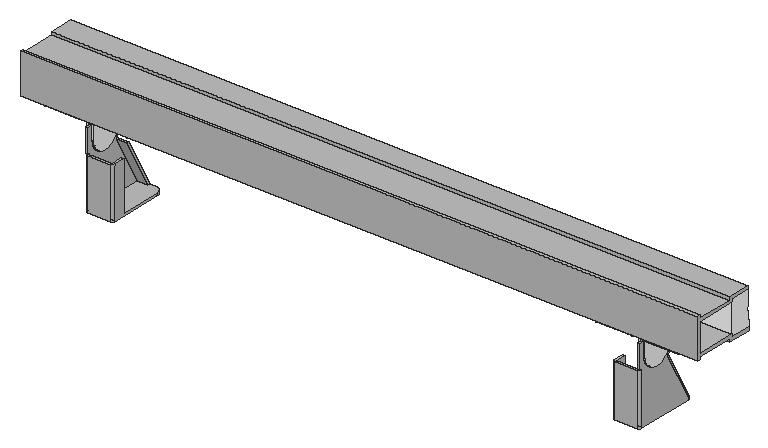
Revit family "4070748+4070746+4070771 Feilo Sylvania Lighting Fixture CURSUS 591MM 385LM WIDE LED 4K with CONTINUOUS WALL HOUSING with 70MM WALL BRACKET", category Lighting Fixtures, host Face, Revit 2017
Family settings
  Host = Face
  Round Connector Dimension = Use Diameter
  Part Type = Normal
  OmniClass Number = 23.80.70.14
  OmniClass Title = Luminaries for External Lighting
  Cut with Voids When Loaded = Yes
  Light Source = No
  Shared = No
  Room Calculation Point = No
Parameters (values of type "4070748 CURSUS 591MM 385LM WIDE LED 4K")
  Weight = "1.2 kg"
  Wattage Comments = "n/a"
  WarrantyStartDate [instance] = "n/a"
  WarrantyGuarantorParts = "n/a"
  WarrantyDurationUnit = "n/a"
  WarrantyDurationParts = "n/a"
  WarrantyDescription = "n/a"
  Voltage = 24 V
  URL = "http://www.sylvania-lighting.com"
  TypeName = "CURSUS 591MM 385LM WIDE LED 4K"
  TypeFixture_FEILO = CURSUS with CONTINUOUS WALL HOUSING : CURSUS 591MM 385LM WIDE LED 4K
  Type Image = <None>
  Type Comments = "n/a"
  TiltAngle [instance] = 0.00°
  StartAngle [instance] = TiltAngle + 270.00°  # 270.00°
  SerialNumber [instance] = "n/a"
  ReflectorMaterial = none
  PowerFactor = 0
  PowerConsumption = "9 W"
  NominalLength = 591 mm
  NominalHeight = 50 mm
  NominalDepth = 30 mm
  Name = "CURSUS 591MM 385LM WIDE LED 4K"
  ModelReference = Name  # "CURSUS 591MM 385LM WIDE LED 4K"
  ModelNumber = "4070748"
  Model = Name  # "CURSUS 591MM 385LM WIDE LED 4K"
  Material = "natural anodised extruded aluminium structure housing"
  ManufacturerName = "Feilo Sylvania"
  Manufacturer = "Feilo Sylvania"
  LuminousEfficacy = "42.77 lm/W"
  LuminaireType = ""
  LightOutputRatio = "100"
  LampsType = Lamp  # "LED"
  LampNominalLuminous = "385 lm"
  LampMacAdamStep = "n/a"
  LampColourTemperature = "4000 K"
  LampColourRenderingIndex = "80"
  Lamp = "LED"
  Keynote = "16500"
  InstallationDate [instance] = "n/a"
  InputVoltage = "24V DC"
  InputNominalFrequency = "n/a"
  IngressProtection = "IP67"
  ImpactProtectionIndex = "IK07"
  IfcExportType = "IfcLightFixtureType"
  IfcExportAs = "IfcLightFixtureType"
  ExpectedLife = 50000
  EndAngle [instance] = StartAngle - 180.00°  # 90.00°
  ElectricShockClassification = "Class III"
  DurationUnit = "hours"
  DocumentationLiterature = "http://www.sylvania-lighting.com/product/en-int/products/4070748"
  DimmingControlOptions = "n/a"
  DiffuserMaterial = Diffuser-Sylvania-Glow
  Description = "LED Exterior Lighting Recessed Surface Mounted Linear Fixture, Natural anodised extruded aluminium structure. Die-cast aluminium end caps. Installation kit with harmonic steel springs., 385 lm, 9W,  42lm/W, 4000K, CRI80+,non dimmable,IP67, IK07, (HxWxD) 591x50x30mm, 3 step Mac Adam Ellipse, 1.2kg,, Classe III, 21-25V-DC, energy class : A++, A+, A"
  Default Elevation = 1219.2 mm
  CreatedOn = "1/8/2018"
  CreatedBy = ""
  Cost = 0
  built-in parameter 1114216 [instance] = (empty or 0)
  ClassificationValue = "EF_70_80"
  ClassificationName = "Uniclass2015"
  BracketWidth = 24 mm
  BracketThickness = 2 mm
  BracketHeightEnd = 32 mm
  BracketHeight = 55 mm
  BracketFlange = BracketHeight / 5  # 11 mm
  BracketExtension = 70 mm
  BracketEndReduction = 25 mm
  BracketC = 22 mm  # constant formula
  BracketDistance = 460 mm
  BracketD = BracketHeightEnd - (BracketC * (BracketHeight - BracketHeightEnd) / (BracketExtension - BracketEndReduction))  # 20.756 mm
  BodyMaterial = Body-Sylvania-Gray
  BarCode [instance] = "n/a"
  AssetType = "Fixed"
  AssetIdentifier [instance] = "n/a"
  Assembly Code = "D5020200"
  Apparent Load = 9 VA
  AccessoryMaterial = Diffuser-Sylvania-Glow
Reference planes
  plane 1 "Center (Front/Back)": y = 0
  plane 2: z = 0
  plane 3 "Center (Left/Right)": x = 0
  plane 4: x = -242
  plane 5: x = 242
  plane 6: y = 55
  plane 7: x = -218
  plane 8: x = 218
  plane 9: z = 70
  plane 10: z = 56
  plane 11: z = 2
  plane 12: z = 45
  plane 13: x = -240
  plane 14: y = 53
  plane 15: y = 2
  plane 16: x = -220
  plane 17: x = 220
  plane 18: x = 240
  plane 19: x = -230
  plane 20: x = 230
  plane 21: y = 11
  plane 22: y = 32
  plane 23: y = 30
  plane 24: z = 67
  plane 25: y = 20.756
  plane 26: y = 16
Forms (mm)
  Blend 1, solid, material "Body-Sylvania-Gray" <- "BodyMaterial"
    base sketch origin (1223.4, -4572, 2) x (0, -1, 0) y (1, 0, 0)
      loop
        line (-4625, -1453.4) -> (-4627, -1453.4) -> (-4627, -1463.4)
        arc (-4627, -1463.4) -> (-4626.414, -1464.814) -> (-4625, -1465.4) r 2
        line (-4625, -1465.4) -> (-4574, -1465.4)
        arc (-4574, -1465.4) -> (-4572.586, -1464.814) -> (-4572, -1463.4) r 2
        line (-4572, -1463.4) -> (-4572, -1443.4)
        arc (-4572, -1443.4) -> (-4572.586, -1441.986) -> (-4574, -1441.4) r 2
        line (-4574, -1441.4) -> (-4583, -1441.4) -> (-4583, -1443.4) -> (-4574, -1443.4) -> (-4574, -1463.4) -> (-4625, -1463.4) -> (-4625, -1453.4)
    top sketch origin (1223.4, -4572, 2) x (0, -1, 0) y (1, 0, 0)
      loop
        line (-4583, -1443.4) -> (-4574, -1443.4) -> (-4574, -1463.4) -> (-4602, -1463.4) -> (-4602, -1453.4) -> (-4604, -1453.4) -> (-4604, -1463.4)
        arc (-4604, -1463.4) -> (-4603.52, -1464.71) -> (-4602.309, -1465.4) r 2.028
        line (-4602.309, -1465.4) -> (-4574, -1465.4)
        arc (-4574, -1465.4) -> (-4572.586, -1464.814) -> (-4572, -1463.4) r 2
        line (-4572, -1463.4) -> (-4572, -1443.4)
        arc (-4572, -1443.4) -> (-4572.586, -1441.986) -> (-4574, -1441.4) r 2
        line (-4574, -1441.4) -> (-4583, -1441.4) -> (-4583, -1443.4)
    from 0 to 43
  Extrusion 2, solid, material "Body-Sylvania-Gray" <- "BodyMaterial"
    sketch origin (0, 0, 0) x (1, 0, 0) y (0, 1, 0)
      loop
        arc (-240, 55) -> (-241.414, 54.414) -> (-242, 53) r 2
        line (-242, 53) -> (-242, 2)
        arc (-242, 2) -> (-241.414, 0.586) -> (-240, 0) r 2
        line (-240, 0) -> (-220, 0)
        arc (-220, 0) -> (-218.586, 0.586) -> (-218, 2) r 2
        line (-218, 2) -> (-218, 47.5)
        arc (-218, 47.5) -> (-220.197, 52.803) -> (-225.5, 55) r 7.5
        line (-225.5, 55) -> (-240, 55)
      loop
        line (240, 55) -> (225.5, 55)
        arc (225.5, 55) -> (220.197, 52.803) -> (218, 47.5) r 7.5
        line (218, 47.5) -> (218, 2)
        arc (218, 2) -> (218.586, 0.586) -> (220, 0) r 2
        line (220, 0) -> (240, 0)
        arc (240, 0) -> (241.414, 0.586) -> (242, 2) r 2
        line (242, 2) -> (242, 53)
        arc (242, 53) -> (241.414, 54.414) -> (240, 55) r 2
    from 0 to 2
  Blend 3, solid, material "Body-Sylvania-Gray" <- "BodyMaterial"
    base sketch origin (1223.4, -4572, 2) x (0, -1, 0) y (1, 0, 0)
      loop
        line (-4625, -983.4) -> (-4574, -983.4) -> (-4574, -1003.4) -> (-4583, -1003.4) -> (-4583, -1005.4) -> (-4574, -1005.4)
        arc (-4574, -1005.4) -> (-4572.586, -1004.814) -> (-4572, -1003.4) r 2
        line (-4572, -1003.4) -> (-4572, -983.4)
        arc (-4572, -983.4) -> (-4572.586, -981.986) -> (-4574, -981.4) r 2
        line (-4574, -981.4) -> (-4625, -981.4)
        arc (-4625, -981.4) -> (-4626.414, -981.986) -> (-4627, -983.4) r 2
        line (-4627, -983.4) -> (-4627, -993.4) -> (-4625, -993.4) -> (-4625, -983.4)
    top sketch origin (1223.4, -4572, 2) x (0, -1, 0) y (1, 0, 0)
      loop
        line (-4602, -993.4) -> (-4602, -983.4) -> (-4574, -983.4) -> (-4574, -1003.4) -> (-4583, -1003.4) -> (-4583, -1005.4) -> (-4574, -1005.4)
        arc (-4574, -1005.4) -> (-4572.586, -1004.814) -> (-4572, -1003.4) r 2
        line (-4572, -1003.4) -> (-4572, -983.4)
        arc (-4572, -983.4) -> (-4572.586, -981.986) -> (-4574, -981.4) r 2
        line (-4574, -981.4) -> (-4602, -981.4)
        arc (-4602, -981.4) -> (-4603.414, -981.986) -> (-4604, -983.4) r 2
        line (-4604, -983.4) -> (-4604, -993.4) -> (-4602, -993.4)
    from 0 to 43
  Blend 4, solid, material "Body-Sylvania-Gray" <- "BodyMaterial"
    base sketch origin (1223.4, -4572, 45) x (0, -1, 0) y (1, 0, 0)
      loop
        line (-4604, -1465.4) -> (-4572, -1465.4) -> (-4572, -1463.4) -> (-4604, -1463.4) -> (-4604, -1465.4)
    top sketch origin (1223.4, -4572, 45) x (0, -1, 0) y (1, 0, 0)
      loop
        line (-4572, -1465.4) -> (-4572, -1463.4) -> (-4592.756, -1463.4) -> (-4592.756, -1465.4) -> (-4572, -1465.4)
    from 0 to 22
  Blend 5, solid, material "Body-Sylvania-Gray" <- "BodyMaterial"
    base sketch origin (1223.4, -4572, 45) x (0, -1, 0) y (1, 0, 0)
      loop
        line (-4604, -983.4) -> (-4572, -983.4) -> (-4572, -981.4) -> (-4604, -981.4) -> (-4604, -983.4)
    top sketch origin (1223.4, -4572, 45) x (0, -1, 0) y (1, 0, 0)
      loop
        line (-4572, -981.4) -> (-4592.756, -981.4) -> (-4592.756, -983.4) -> (-4572, -983.4) -> (-4572, -981.4)
    from 0 to 22
  Extrusion 6, void
    sketch origin (0, 0, 0) x (0, 1, 0) y (0, 0, 1)
      loop
        line (0, 45) -> (2, 45) -> (2, 46.5) -> (0, 46.5) -> (0, 45)
      loop
        line (32, 45) -> (32, 46.5) -> (30, 46.5) -> (30, 45) -> (32, 45)
    from -242 to 242
  Revolve 7, solid, not visible
    sketch origin (1524, 16, 1219.2) x (1, 0, 0) y (0, 0, 1)
      loop
        line (-1524, -1152.2) -> (-1524, -1163.2) -> (-1294, -1163.2) -> (-1294, -1152.2) -> (-1524, -1152.2)
      axis (-1294, -1163.2) -> (-1524, -1163.2)
    angle from 270 <- "StartAngle" to 90 <- "EndAngle"
Cuts and joins
  Extrusion 6 cuts Blend 4
  Extrusion 6 cuts Blend 5
  joined: Blend 1, Extrusion 2, Blend 3, Blend 4, Blend 5
Lines and regions (mm)
  reference lines, not visible
    curve 1: line (-218, 16, 56) -> (218, 16, 56)
Dimensions and locks
  equal spacing: plane 4, plane 3 "Center (Left/Right)", plane 5
  "BracketDistance": plane 19 to plane 20
  "BracketHeight": plane 1 "Center (Front/Back)" to plane 6
  equal spacing: plane 7, plane 3 "Center (Left/Right)", plane 8
  "BracketWidth": plane 4 to plane 7
  "BracketExtension": plane 9 to plane 2
  "BracketThickness": plane 11 to plane 2
  "BracketEndReduction": plane 9 to plane 12
  equal spacing: plane 13, plane 3 "Center (Left/Right)", plane 18
  equal spacing: plane 16, plane 3 "Center (Left/Right)", plane 17
  "BracketThickness": plane 4 to plane 13
  "BracketThickness": plane 16 to plane 7
  "BracketThickness": plane 14 to plane 6
  "BracketThickness": plane 1 "Center (Front/Back)" to plane 15
  equal spacing: plane 4, plane 19, plane 7
  equal spacing: plane 8, plane 20, plane 5
  "BracketFlange": plane 1 "Center (Front/Back)" to plane 21
  "BracketHeightEnd": plane 1 "Center (Front/Back)" to plane 22
  "BracketThickness": plane 23 to plane 22
  locked: Extrusion 2 sketch curve to plane 7 at 7.5
  locked: Extrusion 2 sketch curve to plane 6 at 7.5  (x2)
  locked: plane 8 to Extrusion 2 sketch curve at 7.5
  "BracketC": plane 24 to plane 12
  "BracketD": plane 1 "Center (Front/Back)" to plane 25
  locked: plane 12 to Extrusion 6 sketch curve at 1.5
  equal spacing: plane 24, plane 10, plane 12
  equal spacing: plane 1 "Center (Front/Back)", plane 26, plane 22
  aligned and locked: plane 2 to host face
  aligned and locked: level to host face
  aligned and locked: plane 4 to Blend 1 sketch curve  (x2)
  aligned and locked: plane 13 to Blend 1 sketch curve  (x3)
  aligned and locked: Blend 1 sketch curve to plane 15
  aligned and locked: Blend 1 sketch curve to plane 16
  aligned and locked: Blend 1 sketch curve to plane 21
  aligned and locked: plane 7 to Blend 1 sketch curve
  aligned and locked: plane 16 to Blend 1 sketch curve
  aligned and locked: plane 1 "Center (Front/Back)" to Blend 1 sketch curve
  aligned and locked: plane 14 to Blend 1 sketch curve
  aligned and locked: Blend 1 sketch curve to var sketch  (x6)
  aligned and locked: Blend 1 sketch curve to plane 19
  aligned and locked: Blend 1 sketch curve to plane 22
  aligned and locked: plane 23 to Blend 1 sketch curve
  aligned and locked: plane 11 to Blend 1
  aligned and locked: Extrusion 2 sketch curve to Blend 1  (x3)
  aligned and locked: Extrusion 2 to level
  aligned and locked: Extrusion 2 to plane 11
  aligned and locked: Extrusion 2 sketch curve to plane 7
  aligned and locked: plane 18 to Blend 3 sketch curve  (x4)
  aligned and locked: plane 14 to Blend 3 sketch curve  (x2)
  aligned and locked: Blend 3 sketch curve to plane 20
  aligned and locked: Blend 3 sketch curve to plane 6
  aligned and locked: plane 5 to Blend 3 sketch curve
  aligned and locked: plane 1 "Center (Front/Back)" to Blend 3 sketch curve
  aligned and locked: plane 15 to Blend 3 sketch curve  (x2)
  aligned and locked: Blend 3 sketch curve to plane 8
  aligned and locked: Blend 3 sketch curve to plane 21
  aligned and locked: plane 17 to Blend 3 sketch curve
  aligned and locked: Blend 3 sketch curve to plane 18
  aligned and locked: plane 20 to Blend 3 sketch curve  (x2)
  aligned and locked: Blend 3 sketch curve to plane 23
  aligned and locked: Blend 3 sketch curve to var sketch  (x8)
  aligned and locked: var sketch to Blend 3 sketch curve
  aligned and locked: plane 22 to Blend 3 sketch curve
  aligned and locked: plane 11 to Blend 3
  aligned and locked: Extrusion 2 sketch curve to Blend 3  (x4)
  aligned and locked: Blend 1 to plane 12
  aligned and locked: Blend 3 to plane 12
  aligned and locked: Blend 4 sketch curve to plane 22
  aligned and locked: Blend 4 sketch curve to cut or joined group of Blend 1, Extrusion 2, Blend 3, Blend 4, Blend 5, Extrusion 6  (x2)
  aligned and locked: cut or joined group of Blend 1, Extrusion 2, Blend 3, Blend 4, Blend 5, Extrusion 6 to Blend 4 sketch curve
  aligned and locked: Blend 4 sketch curve to var sketch  (x2)
  aligned and locked: Blend 4 sketch curve to plane 13
  aligned and locked: Blend 4 to plane 24
  aligned and locked: Blend 4 sketch curve to plane 25
  aligned and locked: Blend 5 sketch curve to plane 18  (x2)
  aligned and locked: plane 1 "Center (Front/Back)" to Blend 5 sketch curve
  aligned and locked: plane 5 to Blend 5 sketch curve
  aligned and locked: plane 22 to Blend 5 sketch curve
  aligned and locked: Blend 5 sketch curve to var sketch
  aligned and locked: var sketch to Blend 5 sketch curve
  aligned and locked: Blend 5 sketch curve to plane 25
  aligned and locked: Blend 5 to plane 24
  aligned and locked: plane 12 to Blend 5
  aligned and locked: Extrusion 6 sketch curve to cut or joined group of Blend 1, Extrusion 2, Blend 3, Blend 4, Blend 5, Extrusion 6  (x2)
  aligned and locked: Extrusion 6 sketch curve to Extrusion 6 sketch curve
  aligned and locked: Extrusion 6 sketch curve to plane 15
  aligned and locked: plane 5 to Extrusion 6
  aligned and locked: Extrusion 6 to plane 4
  aligned and locked: Extrusion 6 sketch curve to plane 23
  aligned and locked: Revolve 7 sketch curve to plane 10  (x2)
  aligned and locked: plane 24 to Revolve 7 sketch curve
  aligned and locked: plane 3 "Center (Left/Right)" to Revolve 7 sketch curve
  aligned and locked: Revolve 7 sketch curve to plane 20
  aligned and locked: plane 7 to curve 1
  aligned and locked: plane 10 to curve 1
  aligned and locked: nested 1 to plane 5
  aligned and locked: nested 2 to plane 4
  aligned and locked: nested 1 to curve 1
  aligned and locked: nested 2 to curve 1
  aligned and locked: nested 1 to nested 3
  aligned and locked: nested 3 to plane 3 "Center (Left/Right)"
Automatic sketch dimensions
  host sketch curve to host sketch curve = 2438.4 mm  (x2)
  Blend 1 sketch curve to plane 13 = 0 mm
  plane 15 to Blend 1 sketch curve = 0 mm  (x3)
  Blend 1 sketch curve to plane 23 = 0.309 mm
  plane 6 to Blend 1 sketch curve = 0 mm
  plane 14 to Blend 1 sketch curve = 0 mm
  Blend 1 sketch curve to plane 19 = 0 mm
  Blend 3 sketch curve to plane 17 = 0 mm
  Extrusion 6 sketch curve to plane 1 "Center (Front/Back)" = 0 mm
  plane 12 to Extrusion 6 sketch curve = 0 mm
  Revolve 7 sketch curve to plane 4 = 1153 mm
  plane 5 to Revolve 7 sketch curve = 1161.4 mm
  curve 1 to plane 8 = 0 mm
Nested families
  nested 1: "MountingPlate" at (241, 16, 56) x (-1, 0, 0) z (0, 0, 1), type "MountingPlate"
  nested 2: "MountingPlate" at (-241, 16, 56) x (-1, 0, 0) z (0, 0, 1), type "MountingPlate"
  nested 3: "CURSUS with CONTINUOUS WALL HOUSING" at (0, -4, 74) x (-1, 0, 0) z (0, 0, 1), type <- "TypeFixture_FEILO", type "CURSUS 591MM 385LM WIDE LED 4K"
    with WarrantyStartDate "n/a", SerialNumber "n/a", InstallationDate "n/a", EndCapRight no, EndCapLeft no, built-in parameter 1114216 (empty or 0), BarCode "n/a", AssetIdentifier "n/a"
Connectors
  electrical at (0, 0, 0), driven by "Voltage", driven by "Apparent Load", driven by "PowerFactor", driven by "Apparent Load"
    settings: index 1, voltage 24 V, apparent load 9 VA, apparent load phase1 9 VA, apparent load phase2 0 VA, apparent load phase3 0 VA, power factor 0, load classification "Other", number of poles 1, system type 30, power factor state 1, is connector primary yes, connector utility no, sub classification motor no, connector description ""
Definition of nested family "MountingPlate"
  Parameters (values of type "MountingPlate")
    URL = "http://www.feilosylvania.com"
    Type Comments = "n/a"
    ReflectorMaterial = none
    MountingPlateWidth = 76 mm
    MountingPlateThickness = 2 mm
    MountingPlateRadiusBack = 12 mm
    MountingPlateRadius = 3 mm
    MountingPlateHeight = 35 mm
    Model = "n/a"
    Manufacturer = "Feilo Sylvania"
    Keynote = "n/a"
    DiffuserMaterial = none
    Description = "n/a"
    Default Elevation = 1219.2 mm
    Cost = 0
    BodyMaterial = none
    Assembly Code = "n/a"
    AccessoryMaterial = none
  Reference planes
    plane 1 "Center (Front/Back)": y = 0
    plane 2: z = 0
    plane 3 "Center (Left/Right)": x = 0
    plane 4: x = -38
    plane 5: x = 38
    plane 6: y = 17.5
    plane 7: y = -17.5
    plane 8: x = -3
    plane 9: x = 3
    plane 10: z = 18
    plane 11: z = 16
    plane 12: y = 12.5
    plane 13: y = -12.5
    plane 14: x = -1
    plane 15: x = 1
    plane 16: z = -12.5
    plane 17: z = -14.5
  Forms (mm)
    Extrusion 1, solid
      sketch origin (1.653, 0, 0) x (1, 0, 0) y (0, 1, 0)
        loop
          line (-1219.2, 1219.2) -> (-1219.2, -1219.2) -> (1219.2, -1219.2) -> (1219.2, 1219.2) -> (-1219.2, 1219.2)
      from 0 to -304.8
    Extrusion 2, solid, material <- "BodyMaterial"
      sketch origin (1218.4, -4572, 16) x (0, -1, 0) y (-1, 0, 0)
        loop
          line (-4589.5, 1253.4) -> (-4589.5, 1224.4)
          arc (-4589.5, 1224.4) -> (-4588.621, 1222.279) -> (-4586.5, 1221.4) r 3
          line (-4586.5, 1221.4) -> (-4557.5, 1221.4)
          arc (-4557.5, 1221.4) -> (-4555.379, 1222.279) -> (-4554.5, 1224.4) r 3
          line (-4554.5, 1224.4) -> (-4554.5, 1253.4)
          arc (-4554.5, 1253.4) -> (-4555.379, 1255.521) -> (-4557.5, 1256.4) r 3
          line (-4557.5, 1256.4) -> (-4586.5, 1256.4)
          arc (-4586.5, 1256.4) -> (-4588.621, 1255.521) -> (-4589.5, 1253.4) r 3
        loop
          arc (-4589.5, 1183.4) -> (-4588.621, 1181.279) -> (-4586.5, 1180.4) r 3
          line (-4586.5, 1180.4) -> (-4557.5, 1180.4)
          arc (-4557.5, 1180.4) -> (-4555.379, 1181.279) -> (-4554.5, 1183.4) r 3
          line (-4554.5, 1183.4) -> (-4554.5, 1212.4)
          arc (-4554.5, 1212.4) -> (-4555.379, 1214.521) -> (-4557.5, 1215.4) r 3
          line (-4557.5, 1215.4) -> (-4586.5, 1215.4)
          arc (-4586.5, 1215.4) -> (-4588.621, 1214.521) -> (-4589.5, 1212.4) r 3
          line (-4589.5, 1212.4) -> (-4589.5, 1183.4)
      from 0 to -2
    Extrusion 3, solid, material <- "BodyMaterial"
      sketch origin (0, 0, 0) x (1, 0, 0) y (0, 0, 1)
        loop
          line (-3, 18) -> (-3, -12.5) -> (-1, -12.5) -> (-1, 16)
          arc (-1, 16) -> (-1.586, 17.414) -> (-3, 18) r 2
        loop
          line (3, -12.5) -> (3, 18)
          arc (3, 18) -> (1.586, 17.414) -> (1, 16) r 2
          line (1, 16) -> (1, -12.5) -> (3, -12.5)
      from -12.5 to 12.5
    Extrusion 4, void
      sketch origin (0, 0, 0) x (0, 1, 0) y (0, 0, 1)
        loop
          line (-12.5, -0.5) -> (-17.5, -0.5) -> (-17.5, -14.5) -> (-0.5, -14.5) -> (-0.5, -12.5)
          arc (-0.5, -12.5) -> (-8.985, -8.985) -> (-12.5, -0.5) r 12
        loop
          line (0.5, -12.5) -> (0.5, -14.5) -> (17.5, -14.5) -> (17.5, -0.5) -> (12.5, -0.5)
          arc (12.5, -0.5) -> (8.985, -8.985) -> (0.5, -12.5) r 12
      from -3 to 3
  Cuts and joins
    Extrusion 4 cuts Extrusion 2
    Extrusion 4 cuts Extrusion 3
    joined: Extrusion 2, Extrusion 3
  Lines and regions (mm)
    reference lines
      curve 1: line (-38, 0, 0) -> (38, 0, 0)
  Dimensions and locks
    equal spacing: plane 4, plane 3 "Center (Left/Right)", plane 5
    "MountingPlateWidth": plane 4 to plane 5
    equal spacing: plane 7, plane 1 "Center (Front/Back)", plane 6
    "MountingPlateHeight": plane 7 to plane 6
    equal spacing: plane 8, plane 3 "Center (Left/Right)", plane 9
    "MountingPlateHeight": plane 4 to plane 8
    locked: plane 10 to plane 2 at 18
    "MountingPlateThickness": plane 10 to plane 11
    equal spacing: plane 13, plane 1 "Center (Front/Back)", plane 12
    locked: plane 13 to plane 12 at 25
    "MountingPlateRadius": plane 4 to Extrusion 2 sketch curve  (x2)
    "MountingPlateRadius": Extrusion 2 sketch curve to plane 6  (x4)
    "MountingPlateRadius": Extrusion 2 sketch curve to plane 8  (x2)
    "MountingPlateRadius": plane 7 to Extrusion 2 sketch curve  (x4)
    "MountingPlateRadius": plane 9 to Extrusion 2 sketch curve  (x2)
    "MountingPlateRadius": Extrusion 2 sketch curve to plane 5  (x2)
    equal spacing: plane 15, plane 3 "Center (Left/Right)", plane 14
    "MountingPlateThickness": plane 14 to plane 8
    locked: plane 2 to plane 16 at 12.5
    locked: plane 17 to plane 16 at 2
    "MountingPlateRadiusBack": plane 13 to Extrusion 4 sketch curve
    "MountingPlateRadiusBack": plane 16 to Extrusion 4 sketch curve  (x2)
    "MountingPlateRadiusBack": Extrusion 4 sketch curve to plane 12
    aligned and locked: plane 2 to Extrusion 1
    aligned and locked: level to Extrusion 1
    aligned and locked: Extrusion 2 sketch curve to plane 6
    aligned and locked: Extrusion 2 sketch curve to plane 4
    aligned and locked: plane 7 to Extrusion 2 sketch curve
    aligned and locked: plane 8 to Extrusion 2 sketch curve
    aligned and locked: plane 6 to Extrusion 2 sketch curve
    aligned and locked: Extrusion 2 sketch curve to plane 5
    aligned and locked: Extrusion 2 sketch curve to plane 7
    aligned and locked: plane 9 to Extrusion 2 sketch curve
    aligned and locked: Extrusion 2 to plane 10
    aligned and locked: plane 11 to Extrusion 2
    aligned and locked: Extrusion 3 sketch curve to Extrusion 2  (x2)
    aligned and locked: plane 16 to Extrusion 3 sketch curve  (x2)
    aligned and locked: plane 14 to Extrusion 3 sketch curve
    aligned and locked: plane 9 to Extrusion 3 sketch curve
    aligned and locked: plane 15 to Extrusion 3 sketch curve
    aligned and locked: Extrusion 3 to plane 12
    aligned and locked: plane 13 to Extrusion 3
    aligned and locked: plane 17 to Extrusion 4 sketch curve  (x2)
    aligned and locked: Extrusion 4 sketch curve to plane 7
    aligned and locked: Extrusion 4 sketch curve to plane 6
    aligned and locked: plane 9 to Extrusion 4
    aligned and locked: Extrusion 4 to plane 8
    aligned and locked: plane 4 to curve 1
    aligned and locked: curve 1 to level
  Automatic sketch dimensions
    Extrusion 1 sketch curve to Extrusion 1 sketch curve = 2438.4 mm  (x2)
    Extrusion 3 sketch curve to plane 11 = 0 mm
    curve 1 to plane 5 = 0 mm
    Extrusion 4 sketch curve to plane 13 = 0 mm
    Extrusion 4 sketch curve to plane 12 = 0 mm
Definition of nested family "CURSUS with CONTINUOUS WALL HOUSING"
  Parameters (values of type "CURSUS 1161MM 827LM OVAL LED 3K")
    Width_FEILO = 35 mm
    Weight = "2.2 kg"
    Wattage Comments = "n/a"
    Wattage = 18 W
    WarrantyStartDate [instance] = "n/a"
    WarrantyGuarantorParts = "n/a"
    WarrantyDurationUnit = "n/a"
    WarrantyDurationParts = "n/a"
    WarrantyDescription = "n/a"
    WallThickness_FEILO = 2.5 mm
    built-in parameter 1150110 = 1 (stored number, unit not read)
    Voltage = 24 V
    URL = "http://www.feilosylvania.com"
    TypeName = "CURSUS 1161MM 827LM OVAL LED 3K"
    Type Image = (empty or 0)
    Type Comments = "n/a"
    built-in parameter 1114217 = 1 (stored number, unit not read)
    Tilt Angle = -90.00°
    built-in parameter 1150109 = 1 (stored number, unit not read)
    built-in parameter 1150134 = (empty or 0)
    built-in parameter 1150113 = 1 (stored number, unit not read)
    SerialNumber [instance] = "n/a"
    ReflectorMaterial = none
    PowerFactor = 0
    PowerConsumption = "18 W"
    Photometric Web File = "4070765.ies"
    NominalLength = 1161 mm
    NominalHeight = 50 mm
    NominalDepth = 30 mm
    Name = "CURSUS 1161MM 827LM OVAL LED 3K"
    ModelReference = Name  # "CURSUS 1161MM 827LM OVAL LED 3K"
    ModelNumber = ""
    Model = Name  # "CURSUS 1161MM 827LM OVAL LED 3K"
    Material = "natural anodised extruded aluminium structure housing, optical system with pmma lenses diffuser"
    ManufacturerName = "Feilo Sylvania"
    Manufacturer = "Feilo Sylvania"
    LuminousEfficacy = "45.94 lm/W"
    built-in parameter 1150105 = 65.811 (stored number, unit not read)
    Lumens = 827 lm
    LuminaireType = ""
    built-in parameter 1150115 = 1 (stored number, unit not read)
    LightOutputRatio = "100"
    built-in parameter 1150137 = (empty or 0)
    built-in parameter 1150139 = (empty or 0)
    Length_FEILO = 1167 mm
    LampsType = Lamp  # "LED"
    LampNominalLuminous = "827 lm"
    LampMacAdamStep = "n/a"
    LampColourTemperature = "3000 K"
    LampColourRenderingIndex = "80"
    built-in parameter 1150112 = 1 (stored number, unit not read)
    built-in parameter 1150114 = 1 (stored number, unit not read)
    Lamp = "LED"
    Keynote = "16500"
    InstallationDate [instance] = "n/a"
    InputVoltage = "24V DC"
    InputNominalFrequency = "n/a"
    built-in parameter 1150132 = (empty or 0)
    built-in parameter 1150102 = (empty or 0)
    built-in parameter 1150107 = 3000 (stored number, unit not read)
    built-in parameter 1150138 = (empty or 0)
    IngressProtection = "IP67"
    ImpactProtectionIndex = "IK07"
    built-in parameter 1150106 = 0.65811 (stored number, unit not read)
    IfcExportType = "IfcLightFixtureType"
    IfcExportAs = "IfcLightFixtureType"
    ExpectedLife = 50000
    EndCapRight [instance] = no
    EndCapLeft [instance] = no
    Emit from Rectangle Width = Width_FEILO - WallThickness_FEILO * 2  # 30 mm
    Emit from Rectangle Length = Length_FEILO - WallThickness_FEILO * 2  # 1162 mm
    Emit Shape Visible in Rendering = no
    ElectricShockClassification = "Class III"
    built-in parameter 1150104 = 4.2684 (stored number, unit not read)
    DurationUnit = "hours"
    DocumentationLiterature = "http://www.feilosylvania.com/product/en-int/products/4070765"
    DimmingControlOptions = "n/a"
    Dimming Lamp Color Temperature Shift = (empty or 0)
    DiffuserMaterial = none
    Description = "LED Exterior Lighting Recessed Surface Mounted Linear Fixture, Natural anodised extruded aluminium structure. Die-cast aluminium end caps. Installation kit with harmonic steel springs., 827 lm, 18W, 45lm/W, 3000K, CRI80+,non dimmable,IP67, IK07, (HxWxD) 1161x50x30mm, 3 step Mac Adam Ellipse, 2.2kg,, Classe III, 21-25V-DC, energy class : A++, A+, A"
    Default Elevation = 1219.2 mm
    CreatedOn = "1/8/2018"
    CreatedBy = "aron.fodor@feilosylvania.com"
    Cost = 0
    Color Filter = 16777215
    built-in parameter 1114216 [instance] = (empty or 0)
    ClassificationValue = "EF_70_80"
    ClassificationName = "Uniclass2015"
    BodyMaterial = none
    BarCode [instance] = "n/a"
    built-in parameter 1114218 = 1 (stored number, unit not read)
    built-in parameter 1150133 = 10 (stored number, unit not read)
    AssetType = "Fixed"
    AssetIdentifier [instance] = "n/a"
    Assembly Code = "D5020200"
    Apparent Load = 18 VA
    AccessoryMaterial = none
  Types (16, lengths in mm): name | Weight | Wattage | Voltage | TypeName | built-in parameter 1150134 | PowerConsumption | Photometric Web File | NominalLength | Name | ModelReference | Model | Material | LuminousEfficacy | built-in parameter 1150105 | Lumens | Length_FEILO | LampNominalLuminous | LampColourTemperature | InputVoltage | InputNominalFrequency | built-in parameter 1150107 | built-in parameter 1150106 | Emit from Rectangle Length | built-in parameter 1150104 | DocumentationLiterature | Description | Apparent Load
    CURSUS 1161MM 827LM OVAL LED 3K | "2.2 kg" | 18 W | 24 V | "CURSUS 1161MM 827LM OVAL LED 3K" | (empty or 0) | "18 W" | "4070765.ies" | 1161 | "CURSUS 1161MM 827LM OVAL LED 3K" | "CURSUS 1161MM 827LM OVAL LED 3K" | "CURSUS 1161MM 827LM OVAL LED 3K" | "natural anodised extruded aluminium structure housing, optical system with pmma lenses diffuser" | "45.94 lm/W" | 65.811 (stored number, unit not read) | 827 lm | 1167 | "827 lm" | "3000 K" | "24V DC" | "n/a" | 3000 (stored number, unit not read) | 0.65811 (stored number, unit not read) | 1162 | 4.2684 (stored number, unit not read) | "http://www.feilosylvania.com/product/en-int/products/4070765" | "LED Exterior Lighting Recessed Surface Mounted Linear Fixture, Natural anodised extruded aluminium structure. Die-cast aluminium end caps. Installation kit with harmonic steel springs., 827 lm, 18W, 45lm/W, 3000K, CRI80+,non dimmable,IP67, IK07, (HxWxD) 1161x50x30mm, 3 step Mac Adam Ellipse, 2.2kg,, Classe III, 21-25V-DC, energy class : A++, A+, A" | 18 VA
    CURSUS 1161MM 731LM WIDE LED 3K | "2.2 kg" | 18 W | 230 V | "CURSUS 1161MM 731LM WIDE LED 3K" | (empty or 0) | "18 W" | "4070764.ies" | 1161 | "CURSUS 1161MM 731LM WIDE LED 3K" | "CURSUS 1161MM 731LM WIDE LED 3K" | "CURSUS 1161MM 731LM WIDE LED 3K" | "natural anodised extruded aluminium structure housing" | "40.61 lm/W" | 58.171 (stored number, unit not read) | 731 lm | 1167 | "731 lm" | "3000 K" | "220-240V~" | "n/a" | 3000 (stored number, unit not read) | 0.58171 (stored number, unit not read) | 1162 | 3.7729 (stored number, unit not read) | "http://www.feilosylvania.com/product/en-int/products/4070764" | "LED Exterior Lighting Recessed Surface Mounted Linear Fixture, Natural anodised extruded aluminium structure. Die-cast aluminium end caps. Installation kit with harmonic steel springs., 731 lm, 18W, 40lm/W, 3000K, CRI80+,non dimmable,IP67, IK07, (HxWxD) 1161x50x30mm, 3 step Mac Adam Ellipse, 2.2kg,, Classe III, 21-25V-DC, energy class : A++, A+, A" | 18 VA
    CURSUS 1161MM 871LM OVAL LED 4K | "2.2 kg" | 18 W | 24 V | "CURSUS 1161MM 871LM OVAL LED 4K" | 12 | "18 W" | "4070763.ies" | 1161 | "CURSUS 1161MM 871LM OVAL LED 4K" | "CURSUS 1161MM 871LM OVAL LED 4K" | "CURSUS 1161MM 871LM OVAL LED 4K" | "natural anodised extruded aluminium structure housing, optical system with pmma lenses diffuser" | "48.38 lm/W" | 69.312 (stored number, unit not read) | 871 lm | 1167 | "871 lm" | "4000 K" | "24V DC" | "50/60 Hz" | 4000 (stored number, unit not read) | 0.69312 (stored number, unit not read) | 1162 | 4.4955 (stored number, unit not read) | "http://www.feilosylvania.com/product/en-int/products/4070763" | "LED Exterior Lighting Recessed Surface Mounted Linear Fixture, Natural anodised extruded aluminium structure. Die-cast aluminium end caps. Installation kit with harmonic steel springs., 871 lm, 18W,  48lm/W, 4000K, CRI80+,non dimmable,IP67, IK07, (HxWxD) 1161x50x30mm, 3 step Mac Adam Ellipse, 2.2kg,, Classe III, 21-25V-DC, energy class : A++, A+, A" | 18 VA
    CURSUS 1161MM 770LM WIDE LED 4K | "2.2 kg" | 18 W | 230 V | "CURSUS 1161MM 770LM WIDE LED 4K" | 12 | "18 W" | "4070762.ies" | 1161 | "CURSUS 1161MM 770LM WIDE LED 4K" | "CURSUS 1161MM 770LM WIDE LED 4K" | "CURSUS 1161MM 770LM WIDE LED 4K" | "natural anodised extruded aluminium structure housing" | "42.77 lm/W" | 61.275 (stored number, unit not read) | 770 lm | 1167 | "770 lm" | "4000 K" | "220-240V~" | "n/a" | 4000 (stored number, unit not read) | 0.61275 (stored number, unit not read) | 1162 | 3.9742 (stored number, unit not read) | "http://www.feilosylvania.com/product/en-int/products/4070762" | "LED Exterior Lighting Recessed Surface Mounted Linear Fixture, Natural anodised extruded aluminium structure. Die-cast aluminium end caps. Installation kit with harmonic steel springs., 770 lm, 18W,  42lm/W, 4000K, CRI80+,non dimmable,IP67, IK07, (HxWxD) 1161x50x30mm, 3 step Mac Adam Ellipse, 2.2kg,, Classe III, 21-25V-DC, energy class : A++, A+, A" | 18 VA
    CURSUS 876MM 620LM OVAL LED 3K | "1.7 kg" | 13.5 W | 24 V | "CURSUS 876MM 620LM OVAL LED 3K" | (empty or 0) | "13.5 W" | "4070758.ies" | 876 | "CURSUS 876MM 620LM OVAL LED 3K" | "CURSUS 876MM 620LM OVAL LED 3K" | "CURSUS 876MM 620LM OVAL LED 3K" | "natural anodised extruded aluminium structure housing, optical system with pmma lenses diffuser" | "45.92 lm/W" | 49.338 (stored number, unit not read) | 620 lm | 882 | "620 lm" | "3000 K" | "24V DC" | "50/60 Hz" | 3000 (stored number, unit not read) | 0.49338 (stored number, unit not read) | 877 | 4.2667 (stored number, unit not read) | "http://www.feilosylvania.com/product/en-int/products/4070758" | "LED Exterior Lighting Recessed Surface Mounted Linear Fixture, Natural anodised extruded aluminium structure. Die-cast aluminium end caps. Installation kit with harmonic steel springs., 620 lm, 13,5W, 45lm/W, 3000K, CRI80+,non dimmable,IP67, IK07, (HxWxD) 876x50x30mm, 3 step Mac Adam Ellipse, 1.7kg,, Classe III, 21-25V-DC, energy class : A++, A+, A" | 13.5 VA
    CURSUS 876MM 548LM WIDE LED 3K | "1.7 kg" | 13.5 W | 24 V | "CURSUS 876MM 548LM WIDE LED 3K" | (empty or 0) | "13.5 W" | "4070757.ies" | 876 | "CURSUS 876MM 548LM WIDE LED 3K" | "CURSUS 876MM 548LM WIDE LED 3K" | "CURSUS 876MM 548LM WIDE LED 3K" | "natural anodised extruded aluminium structure housing" | "40.59 lm/W" | 43.608 (stored number, unit not read) | 548 lm | 882 | "548 lm" | "3000 K" | "24V DC" | "n/a" | 3000 (stored number, unit not read) | 0.43608 (stored number, unit not read) | 877 | 3.7712 (stored number, unit not read) | "http://www.feilosylvania.com/product/en-int/products/4070757" | "LED Exterior Lighting Recessed Surface Mounted Linear Fixture, Natural anodised extruded aluminium structure. Die-cast aluminium end caps. Installation kit with harmonic steel springs., 548 lm, 13,5W, 40lm/W, 3000K, CRI80+,non dimmable,IP67, IK07, (HxWxD) 876x50x30mm, 3 step Mac Adam Ellipse, 1.7kg,, Classe III, 21-25V-DC, energy class : A++, A+, A" | 13.5 VA
    CURSUS 876MM 653LM OVAL LED 4K | "1.7 kg" | 13.5 W | 24 V | "CURSUS 876MM 653LM OVAL LED 4K" | 12 | "13.5 W" | "4070756.ies" | 876 | "CURSUS 876MM 653LM OVAL LED 4K" | "CURSUS 876MM 653LM OVAL LED 4K" | "CURSUS 876MM 653LM OVAL LED 4K" | "natural anodised extruded aluminium structure housing, optical system with pmma lenses diffuser" | "48.37 lm/W" | 51.964 (stored number, unit not read) | 653 lm | 882 | "653 lm" | "4000 K" | "24V DC" | "n/a" | 4000 (stored number, unit not read) | 0.51964 (stored number, unit not read) | 877 | 4.4938 (stored number, unit not read) | "http://www.feilosylvania.com/product/en-int/products/4070756" | "LED Exterior Lighting Recessed Surface Mounted Linear Fixture, Natural anodised extruded aluminium structure. Die-cast aluminium end caps. Installation kit with harmonic steel springs., 653 lm, 13,5W,  48lm/W, 4000K, CRI80+,non dimmable,IP67, IK07, (HxWxD) 876x50x30mm, 3 step Mac Adam Ellipse, 1.7kg,, Classe III, 21-25V-DC, energy class : A++, A+, A" | 13.5 VA
    CURSUS 876MM 577LM WIDE LED 4K | "1.7 kg" | 13.5 W | 24 V | "CURSUS 876MM 577LM WIDE LED 4K" | 12 | "13.5 W" | "4070755.ies" | 876 | "CURSUS 876MM 577LM WIDE LED 4K" | "CURSUS 876MM 577LM WIDE LED 4K" | "CURSUS 876MM 577LM WIDE LED 4K" | "natural anodised extruded aluminium structure housing" | "42.74 lm/W" | 45.916 (stored number, unit not read) | 577 lm | 882 | "577 lm" | "4000 K" | "24V DC" | "n/a" | 4000 (stored number, unit not read) | 0.45916 (stored number, unit not read) | 877 | 3.9707 (stored number, unit not read) | "http://www.feilosylvania.com/product/en-int/products/4070755" | "LED Exterior Lighting Recessed Surface Mounted Linear Fixture, Natural anodised extruded aluminium structure. Die-cast aluminium end caps. Installation kit with harmonic steel springs., 577 lm, 13,5W,  42lm/W, 4000K, CRI80+,non dimmable,IP67, IK07, (HxWxD) 876x50x30mm, 3 step Mac Adam Ellipse, 1.7kg,, Classe III, 21-25V-DC, energy class : A++, A+, A" | 13.5 VA
    CURSUS 591MM 414LM OVAL LED 3K | "1.2 kg" | 9 W | 24 V | "CURSUS 591MM 414LM OVAL LED 3K" | (empty or 0) | "9 W" | "4070751.ies" | 591 | "CURSUS 591MM 414LM OVAL LED 3K" | "CURSUS 591MM 414LM OVAL LED 3K" | "CURSUS 591MM 414LM OVAL LED 3K" | "natural anodised extruded aluminium structure housing, optical system with pmma lenses diffuser" | "46 lm/W" | 32.945 (stored number, unit not read) | 414 lm | 597 | "414 lm" | "3000 K" | "24V DC" | "n/a" | 3000 (stored number, unit not read) | 0.32945 (stored number, unit not read) | 592 | 4.2735 (stored number, unit not read) | "http://www.feilosylvania.com/product/en-int/products/4070751" | "LED Exterior Lighting Recessed Surface Mounted Linear Fixture, Natural anodised extruded aluminium structure. Die-cast aluminium end caps. Installation kit with harmonic steel springs., 414 lm, 9W, 46lm/W, 3000K, CRI80+,non dimmable,IP67, IK07, (HxWxD) 591x50x30mm, 3 step Mac Adam Ellipse, 1.2kg,, Classe III, 21-25V-DC, energy class : A++, A+, A" | 9 VA
    CURSUS 591MM 365LM WIDE LED 3K | "1.2 kg" | 9 W | 24 V | "CURSUS 591MM 365LM WIDE LED 3K" | (empty or 0) | "9 W" | "4070750.ies" | 591 | "CURSUS 591MM 365LM WIDE LED 3K" | "CURSUS 591MM 365LM WIDE LED 3K" | "CURSUS 591MM 365LM WIDE LED 3K" | "natural anodised extruded aluminium structure housing" | "40.55 lm/W" | 29.046 (stored number, unit not read) | 365 lm | 597 | "365 lm" | "3000 K" | "24V DC" | "n/a" | 3000 (stored number, unit not read) | 0.29046 (stored number, unit not read) | 592 | 3.7677 (stored number, unit not read) | "http://www.feilosylvania.com/product/en-int/products/4070750" | "LED Exterior Lighting Recessed Surface Mounted Linear Fixture, Natural anodised extruded aluminium structure. Die-cast aluminium end caps. Installation kit with harmonic steel springs., 365 lm, 9W, 40lm/W, 3000K, CRI80+,non dimmable,IP67, IK07, (HxWxD) 591x50x30mm, 3 step Mac Adam Ellipse, 1.2kg,, Classe III, 21-25V-DC, energy class : A++, A+, A" | 9 VA
    CURSUS 591MM 435LM OVAL LED 4K | "1.2 kg" | 9 W | 24 V | "CURSUS 591MM 435LM OVAL LED 4K" | 12 | "9 W" | "4070749.ies" | 591 | "CURSUS 591MM 435LM OVAL LED 4K" | "CURSUS 591MM 435LM OVAL LED 4K" | "CURSUS 591MM 435LM OVAL LED 4K" | "natural anodised extruded aluminium structure housing, optical system with pmma lenses diffuser" | "48.33 lm/W" | 34.616 (stored number, unit not read) | 435 lm | 597 | "435 lm" | "4000 K" | "24V DC" | "n/a" | 4000 (stored number, unit not read) | 0.34616 (stored number, unit not read) | 592 | 4.4903 (stored number, unit not read) | "http://www.feilosylvania.com/product/en-int/products/4070749" | "LED Exterior Lighting Recessed Surface Mounted Linear Fixture, Natural anodised extruded aluminium structure. Die-cast aluminium end caps. Installation kit with harmonic steel springs., 435 lm, 9W, 48lm/W, 4000K, CRI80+,non dimmable,IP67, IK07, (HxWxD) 591x50x30mm, 3 step Mac Adam Ellipse, 1.2kg,, Classe III, 21-25V-DC, energy class : A++, A+, A" | 9 VA
    CURSUS 591MM 385LM WIDE LED 4K | "1.2 kg" | 9 W | 24 V | "CURSUS 591MM 385LM WIDE LED 4K" | 12 | "9 W" | "4070748.ies" | 591 | "CURSUS 591MM 385LM WIDE LED 4K" | "CURSUS 591MM 385LM WIDE LED 4K" | "CURSUS 591MM 385LM WIDE LED 4K" | "natural anodised extruded aluminium structure housing" | "42.77 lm/W" | 30.637 (stored number, unit not read) | 385 lm | 597 | "385 lm" | "4000 K" | "24V DC" | "n/a" | 4000 (stored number, unit not read) | 0.30637 (stored number, unit not read) | 592 | 3.9742 (stored number, unit not read) | "http://www.feilosylvania.com/product/en-int/products/4070748" | "LED Exterior Lighting Recessed Surface Mounted Linear Fixture, Natural anodised extruded aluminium structure. Die-cast aluminium end caps. Installation kit with harmonic steel springs., 385 lm, 9W,  42lm/W, 4000K, CRI80+,non dimmable,IP67, IK07, (HxWxD) 591x50x30mm, 3 step Mac Adam Ellipse, 1.2kg,, Classe III, 21-25V-DC, energy class : A++, A+, A" | 9 VA
    CURSUS 306MM 207LM OVAL LED3K | "0.6 kg" | 4.5 W | 24 V | "CURSUS 306MM 207LM OVAL LED3K" | (empty or 0) | "4.5 W" | "4070744.ies" | 306 | "CURSUS 306MM 207LM OVAL LED3K" | "CURSUS 306MM 207LM OVAL LED3K" | "CURSUS 306MM 207LM OVAL LED3K" | "natural anodised extruded aluminium structure housing, optical system with pmma lenses diffuser" | "46 lm/W" | 16.473 (stored number, unit not read) | 207 lm | 312 | "207 lm" | "3000 K" | "24V DC" | "n/a" | 3000 (stored number, unit not read) | 0.16473 (stored number, unit not read) | 307 | 4.2735 (stored number, unit not read) | "http://www.feilosylvania.com/product/en-int/products/4070744" | "LED Exterior Lighting Recessed Surface Mounted Linear Fixture, Natural anodised extruded aluminium structure. Die-cast aluminium end caps. Installation kit with harmonic steel springs., 207 lm, 4,5W, 46lm/W, 3000K, CRI80+,non dimmable,IP67, IK07, (HxWxD) 306x50x30mm, 3 step Mac Adam Ellipse, 0.6kg,, Classe III, 21-25V-DC, energy class : A++, A+, A" | 4.5 VA
    CURSUS 306MM 183LM WIDE LED 3K | "0.6 kg" | 4.5 W | 24 V | "CURSUS 306MM 183LM WIDE LED 3K" | (empty or 0) | "4.5 W" | "4070743.ies" | 306 | "CURSUS 306MM 183LM WIDE LED 3K" | "CURSUS 306MM 183LM WIDE LED 3K" | "CURSUS 306MM 183LM WIDE LED 3K" | "natural anodised extruded aluminium structure housing" | "40.66 lm/W" | 14.563 (stored number, unit not read) | 183 lm | 312 | "183 lm" | "3000 K" | "24V DC" | "n/a" | 3000 (stored number, unit not read) | 0.14563 (stored number, unit not read) | 307 | 3.7781 (stored number, unit not read) | "http://www.feilosylvania.com/product/en-int/products/4070743" | "LED Exterior Lighting Recessed Surface Mounted Linear Fixture, Natural anodised extruded aluminium structure. Die-cast aluminium end caps. Installation kit with harmonic steel springs., 183 lm, 4,5W, 40lm/W, 3000K, CRI80+,non dimmable,IP67, IK07, (HxWxD) 306x50x30mm, 3 step Mac Adam Ellipse, 0.6kg,, Classe III, 21-25V-DC, energy class : A++, A+, A" | 4.5 VA
    CURSUS 306MM 218LM OVAL LED 4K | "0.6 kg" | 4.5 W | 24 V | "CURSUS 306MM 218LM OVAL LED 4K" | 12 | "4.5 W" | "4070742.ies" | 306 | "CURSUS 306MM 218LM OVAL LED 4K" | "CURSUS 306MM 218LM OVAL LED 4K" | "CURSUS 306MM 218LM OVAL LED 4K" | "natural anodised extruded aluminium structure housing, optical system with pmma lenses diffuser" | "48.44 lm/W" | 17.348 (stored number, unit not read) | 218 lm | 312 | "218 lm" | "4000 K" | "24V DC" | "n/a" | 4000 (stored number, unit not read) | 0.17348 (stored number, unit not read) | 307 | 4.5006 (stored number, unit not read) | "http://www.feilosylvania.com/product/en-int/products/4070742" | "LED Exterior Lighting Recessed Surface Mounted Linear Fixture, Natural anodised extruded aluminium structure. Die-cast aluminium end caps. Installation kit with harmonic steel springs., 218 lm, 4,5W,  48lm/W, 4000K, CRI80+,non dimmable,IP67, IK07, (HxWxD) 306x50x30mm, 3 step Mac Adam Ellipse, 0.6kg,, Classe III, 21-25V-DC, energy class : A++, A+, A" | 4.5 VA
    CURSUS 306MM 192LM WIDE LED 4K | "0.6 kg" | 4.5 W | 24 V | "CURSUS 306MM 192LM WIDE LED 4K" | 12 | "4.5 W" | "4070741.ies" | 306 | "CURSUS 306MM 192LM WIDE LED 4K" | "CURSUS 306MM 192LM WIDE LED 4K" | "CURSUS 306MM 192LM WIDE LED 4K" | "natural anodised extruded aluminium structure housing" | "42.66 lm/W" | 15.279 (stored number, unit not read) | 192 lm | 312 | "192 lm" | "4000 K" | "24V DC" | "n/a" | 4000 (stored number, unit not read) | 0.15279 (stored number, unit not read) | 307 | 3.9639 (stored number, unit not read) | "http://www.feilosylvania.com/product/en-int/products/4070741" | "LED Exterior Lighting Recessed Surface Mounted Linear Fixture, Natural anodised extruded aluminium structure. Die-cast aluminium end caps. Installation kit with harmonic steel springs., 192 lm, 4,5W,  42lm/W, 4000K, CRI80+,non dimmable,IP67, IK07, (HxWxD) 306x50x30mm, 3 step Mac Adam Ellipse, 0.6kg,, Classe III, 21-25V-DC, energy class : A++, A+, A" | 4.5 VA
  Reference planes
    plane 1 "Center (Front/Back)": y = 0
    plane 2: z = 0
    plane 3 "Center (Left/Right)": x = 0
    plane 4: x = 583.5
    plane 5: x = -583.5
    plane 6: x = -581
    plane 7: x = 581
    plane 8: z = 35
    plane 9: z = 17.5
    plane 10: z = 32.5
    plane 11: z = 2.5
    plane 12: z = 30
    plane 13: z = 5
    plane 14: y = -55
    plane 15: y = -53
    plane 16: y = -2.5
    plane 17: y = -37
    plane 18: y = -34.5
  Forms (mm)
    Extrusion 1, solid
      sketch origin (4.2, 0, 0) x (1, 0, 0) y (0, 1, 0)
        loop
          line (-1219.2, 1219.2) -> (-1219.2, -1219.2) -> (1219.2, -1219.2) -> (1219.2, 1219.2) -> (-1219.2, 1219.2)
      from 0 to -304.8
    Extrusion 2, solid, material <- "BodyMaterial"
      sketch origin (0, 0, 0) x (0, 1, 0) y (0, 0, 1)
        loop
          line (0, 35) -> (-2.5, 35) -> (-2.5, 32.5) -> (-34.5, 32.5) -> (-34.5, 35) -> (-55, 35) -> (-55, 32.5) -> (-37, 32.5) -> (-37, 30) -> (-2.5, 30) -> (-2.5, 5) -> (-37, 5) -> (-37, 2.5) -> (-55, 2.5) -> (-55, 0) -> (-34.5, 0) -> (-34.5, 2.5) -> (-2.5, 2.5) -> (-2.5, 0) -> (0, 0) -> (0, 35)
      from -581 to 581
    Extrusion 3, solid, material <- "DiffuserMaterial"
      sketch origin (0, 0, 0) x (0, 1, 0) y (0, 0, 1)
        loop
          line (-37, 32.5) -> (-55, 32.5) -> (-55, 19.5) -> (-53, 17.5) -> (-55, 15.5) -> (-55, 2.5) -> (-37, 2.5) -> (-37, 32.5)
      from -581 to 581
    Extrusion 4, solid, material <- "BodyMaterial", visible <- "EndCapRight"
      sketch origin (581, 1524, 1219.2) x (0, 1, 0) y (0, 0, 1)
        loop
          line (-1579, -1184.2) -> (-1579, -1219.2) -> (-1524, -1219.2) -> (-1524, -1184.2) -> (-1579, -1184.2)
      from 0 to 2.5
    Extrusion 5, solid, material <- "BodyMaterial", visible <- "EndCapLeft"
      sketch origin (-581, 1524, 1219.2) x (0, 1, 0) y (0, 0, 1)
        loop
          line (-1579, -1184.2) -> (-1579, -1219.2) -> (-1524, -1219.2) -> (-1524, -1184.2) -> (-1579, -1184.2)
      from -2.5 to 0
  Dimensions and locks
    equal spacing: plane 5, plane 3 "Center (Left/Right)", plane 4
    "Length_FEILO": plane 5 to plane 4
    equal spacing: plane 6, plane 3 "Center (Left/Right)", plane 7
    "WallThickness_FEILO": plane 5 to plane 6
    locked: plane 9 to plane 2 at 17.5
    locked: plane 8 to plane 2 at 35
    equal spacing: plane 11, plane 9, plane 10
    equal spacing: plane 13, plane 9, plane 12
    "WallThickness_FEILO": plane 12 to plane 10
    locked: plane 14 to plane 15 at 2
    locked: plane 14 to plane 17 at 18
    "WallThickness_FEILO": plane 17 to plane 18
    "WallThickness_FEILO": plane 16 to plane 1 "Center (Front/Back)"
    locked: plane 15 to Extrusion 3 sketch curve (angle 45.00°)
    locked: Extrusion 3 sketch curve to plane 15 (angle 45.00°)
    aligned and locked: plane 2 to Extrusion 1
    aligned and locked: level to Extrusion 1
    aligned and locked: plane 1 "Center (Front/Back)" to Extrusion 2 sketch curve
    aligned and locked: Extrusion 2 sketch curve to plane 8  (x2)
    aligned and locked: plane 16 to Extrusion 2 sketch curve
    aligned and locked: Extrusion 1 to Extrusion 2 sketch curve
    aligned and locked: Extrusion 2 sketch curve to plane 16  (x2)
    aligned and locked: Extrusion 2 sketch curve to plane 11
    aligned and locked: plane 18 to Extrusion 2 sketch curve
    aligned and locked: level to Extrusion 2 sketch curve
    aligned and locked: plane 11 to Extrusion 2 sketch curve
    aligned and locked: Extrusion 2 sketch curve to plane 17
    aligned and locked: plane 13 to Extrusion 2 sketch curve
    aligned and locked: Extrusion 2 sketch curve to plane 12
    aligned and locked: plane 10 to Extrusion 2 sketch curve  (x2)
    aligned and locked: plane 17 to Extrusion 2 sketch curve  (x2)
    aligned and locked: plane 12 to Extrusion 2 sketch curve
    aligned and locked: Extrusion 2 sketch curve to plane 10
    aligned and locked: Extrusion 2 sketch curve to plane 18
    aligned and locked: plane 7 to Extrusion 2
    aligned and locked: Extrusion 2 to plane 6
    aligned and locked: Extrusion 3 sketch curve to Extrusion 2  (x4)
    aligned and locked: Extrusion 2 to Extrusion 3 sketch curve
    aligned and locked: plane 9 to Extrusion 3 sketch curve
    aligned and locked: plane 7 to Extrusion 3
    aligned and locked: Extrusion 3 to plane 6
    aligned and locked: Extrusion 4 sketch curve to Extrusion 2  (x4)
    aligned and locked: plane 4 to Extrusion 4
    aligned and locked: Extrusion 4 to plane 7
    aligned and locked: Extrusion 5 sketch curve to Extrusion 4  (x3)
    aligned and locked: Extrusion 5 sketch curve to Extrusion 2
    aligned and locked: Extrusion 5 to plane 5
    aligned and locked: plane 6 to Extrusion 5
    aligned and locked: plane 14 to imposter light
    aligned and locked: imposter light to plane 9
    aligned and locked: plane 3 "Center (Left/Right)" to imposter light
  Automatic sketch dimensions
    Extrusion 1 sketch curve to Extrusion 1 sketch curve = 2438.4 mm  (x2)
    Extrusion 2 sketch curve to plane 14 = 0 mm  (x2)
    Extrusion 3 sketch curve to plane 15 = 0 mm
  Connectors
    electrical at (0, 0, 0), driven by "Apparent Load", driven by "PowerFactor", driven by "Voltage"
      settings: index 1, voltage 24 V, apparent load 18 VA, apparent load phase1 0 VA, apparent load phase2 0 VA, apparent load phase3 0 VA, power factor 0, load classification none, number of poles 1, system type 30, power factor state 1, is connector primary yes, connector utility no, sub classification motor no, connector description ""
